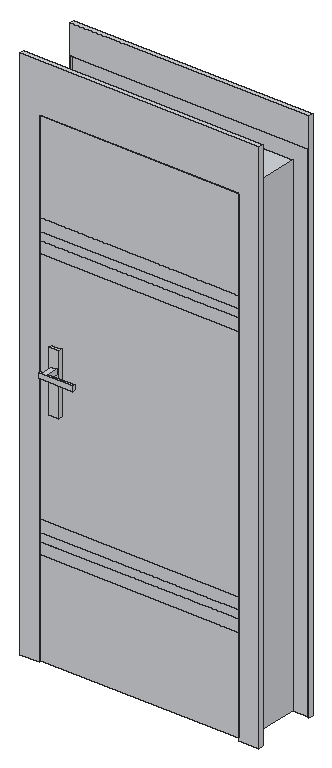
Revit family
Parameters (values of type "PN 80")
  Rough Height = 2055 mm
  URL = "www.porta.com.pl"
  Rough Width = 880 mm
  Ss = 818 mm
  Manufacturer = "PORTA KMI POLAND"
  Keynote = ""
  Description = "Biblioteki CAD produktów firmy PORTA KMI POLAND S.A. wraz z ich wizualizacjami są chronione prawami własności przemysłowej i intelektualnej. Można je wykorzystywać do handlowych celów osobistych poprzez zastosowanie w projektach, jednak nie wolno ich powielać, modyfikować, licencjonować ani publikować, w całości ani w części, chyba że celem przeglądania, bez uprzedniej pisemnej zgody PORTA KMI Poland sp.z.o.o. www.porta.com.pl "
  Height = 2016 mm
  Wall Closure = (empty or 0)
  Width = 802 mm
  Model = "Porta LEVEL"
  Materiał_skrzydło_2 = none
  Materiał_skrzydło_1 [instance] = none
  Materiał_ościeżnica [instance] = none
  Materiał_klamka [instance] = none
  Informacja = ""
  Hs = 2017 mm
  Function = (empty or 0)
Reference planes
  plane 1: y = 0
  plane 2 "Środek (Lewa/Prawa)": x = 0
  plane 3 "Lewy": x = -440
  plane 4 "Prawy": x = 440
  plane 5: z = 2055
  plane 6 "Zewnętrzna": y = 120
  plane 7 "Wewnętrzna": y = -120
  plane 8: x = -401
  plane 9: y = -138.9
  plane 10: x = -494.4
  plane 11: x = 494.4
Forms (mm)
  Sweep 1, solid, material <- "Materiał_ościeżnica"
    path in 3D
      loop
        line (-440, -120, 0) -> (-440, -120, 2055) -> (440, -120, 2055) -> (440, -120, 0)
    profile origin (-440, -120, 1027.5) x (0, -1, 0) y (1, 0, 0)
      loop
        line (-240, -54.4) -> (-240, -49.7) -> (-243.2, -49.7) -> (-243.2, 16.3) -> (3.2, 16.3) -> (3.2, -49.7) -> (0, -49.7) -> (0, -54.4) -> (18.9, -54.4) -> (18.9, 27) -> (-26.7, 27) -> (-26.7, 39) -> (-243.2, 39) -> (-243.2, 27) -> (-258.9, 27) -> (-258.9, -54.4) -> (-240, -54.4)
  Extrusion 2, solid, material <- "Materiał_ościeżnica"
    sketch origin (-359, -94.5, 2024.974) x (0, 0, -1) y (0, -1, 0)
      loop
        line (-203.026, -233.4) -> (-84.426, -233.4) -> (-84.426, -214.5) -> (-203.026, -214.5) -> (-203.026, -233.4)
    from -853.4 to 135.4
  Extrusion 3, solid, material <- "Materiał_ościeżnica"
    sketch origin (-359, -94.5, 2024.974) x (0, 0, -1) y (0, -1, 0)
      loop
        line (-203.026, 44.4) -> (-203.026, 25.5) -> (-84.426, 25.5) -> (-84.426, 44.4) -> (-203.026, 44.4)
    from -853.4 to 135.4
Cuts and joins
  joined: Sweep 1, Extrusion 2, Extrusion 3
Lines and regions (mm)
  Opening 1
    outline origin (-3050, -120, 0) x (1, 0, 0) y (0, 0, 1)
      loop
        line (2610, 0) -> (3490, 0) -> (3490, 2055) -> (2610, 2055) -> (2610, 0)
  sketch lines
    curve 1: line (-440, -120, 0) -> (-440, -120, 2055)
    curve 2: line (-440, -120, 2055) -> (440, -120, 2055)
    curve 3: line (440, -120, 2055) -> (440, -120, 0)
  symbolic lines, style "DoorsPanelProjection"
    curve 4: line (409, -120, 0) -> (409, -938, 0)
    curve 5: line (409, -938, 0) -> (369, -938, 0)
    curve 6: line (369, -938, 0) -> (369, -120, 0)
    curve 7: line (369, -120, 0) -> (409, -120, 0)
  symbolic lines, style "Ugięcie rzutu"
    curve 8: arc (-409, -120, 0) -> (-169.413, -698.413, 0) -> (409, -938, 0) r 818
Text (mm)
  text "Zewnętrzna" at (-2295.016, 1099.543, 0), in view "Poziom odniesienia"
  text "Zewnętrzna" at (0, 1615.38, 3698.081), in view "Lewy"
  text "Zewnętrzna" at (0, 1036.032, 3874.932), in view "Prawy"
Dimensions and locks
  equal spacing: plane 3 "Lewy", plane 2 "Środek (Lewa/Prawa)", plane 4 "Prawy"
  "Rough Width": plane 3 "Lewy" to plane 4 "Prawy"
  "Rough Height": plane 5 to host wall
  host wall to plane 5 = 2055 mm  (x2)
  locked: plane 6 "Zewnętrzna" to host wall at 0
  locked: plane 7 "Wewnętrzna" to host wall
  locked: curve 6 to curve 4 at 40
  "Ss": curve 5 to curve 7
  equal spacing: curve 8, plane 2 "Środek (Lewa/Prawa)", curve 4
  equal spacing: nested 1, plane 2 "Środek (Lewa/Prawa)", nested 1
  locked: nested 1 to level at 8
  locked: plane 3 "Lewy" to plane 8 at 39
  locked: plane 6 "Zewnętrzna" to Sweep 1 sketch curve at 18.9
  locked: profile plane to Sweep 1 sketch curve at 27
  locked: Sweep 1 sketch curve to plane 8 at 22.7
  locked: Sweep 1 sketch curve to profile plane at 26.7
  locked: profile plane to Sweep 1 sketch curve at 18.9
  locked: Sweep 1 sketch curve to profile plane at 54.4  (x2)
  locked: plane 9 to host wall at 18.9
  locked: plane 10 to plane 3 "Lewy" at 54.4
  locked: plane 4 "Prawy" to plane 11 at 54.4
  aligned and locked: plane 3 "Lewy" to Opening 1 sketch curve
  aligned and locked: plane 5 to Opening 1 sketch curve  (x2)
  aligned and locked: Opening 1 sketch curve to plane 4 "Prawy"
  aligned and locked: Opening 1 sketch curve to level
  aligned and locked: plane 1 to host wall
  aligned and locked: plane 7 "Wewnętrzna" to curve 7
  aligned and locked: Sweep 1 sketch curve to plane 6 "Zewnętrzna"
  aligned and locked: Sweep 1 sketch curve to profile plane
  aligned and locked: Sweep 1 sketch curve to plane 8
  aligned and locked: nested 1 to plane 9
  aligned and locked: Extrusion 2 sketch curve to Sweep 1  (x2)
  aligned and locked: host wall to Extrusion 2 sketch curve
  aligned and locked: Extrusion 3 sketch curve to plane 9
  aligned and locked: host wall to Extrusion 3 sketch curve
  aligned and locked: Extrusion 3 sketch curve to Sweep 1
  aligned and locked: Extrusion 3 sketch curve to Extrusion 2
  aligned and locked: plane 11 to Extrusion 3
  aligned and locked: plane 10 to Extrusion 3
  aligned and locked: plane 11 to Extrusion 2
  aligned and locked: plane 10 to Extrusion 2
Automatic sketch dimensions
  curve 8 to host wall = 0 mm
  Sweep 1 sketch curve to Sweep 1 sketch curve = 0 mm
  Sweep 1 sketch curve to Sweep 1 sketch curve = 3.2 mm
  Sweep 1 sketch curve to Sweep 1 sketch curve = 15.7 mm
  Sweep 1 sketch curve to Sweep 1 sketch curve = 4.7 mm  (x2)
  Sweep 1 sketch curve to Sweep 1 sketch curve = 10.7 mm
  Extrusion 2 sketch curve to plane 5 = 173 mm
Nested families
  nested 1: "skrzydło" at (0, -105.4, 0), type "skrzydło"
Definition of nested family "skrzydło"
  Parameters (values of type "skrzydło")
    Ss = 818 mm
    Materiał_skrzydło_2 = none
    Materiał_skrzydło_1 = none
    Materiał_klamka = none
    Assembly Code = ""
    Hs = 2017 mm
  Reference planes
    plane 1 "Tył": y = 6.5
    plane 2: z = 0
    plane 3 "Środek (Lewa/Prawa)": x = 0
    plane 4 "Lewa": x = -409
    plane 5 "Prawa": x = 409
    plane 6 "Przód": y = -33.5
    plane 7: z = 2025
    plane 8 "Centrum": y = -13.5
    plane 9: z = 8
  Forms (mm)
    Extrusion 1, solid, material <- "Materiał_skrzydło_1"
      sketch origin (0, -33.5, 0) x (-1, 0, 0) y (0, 0, 1)
        loop
          line (409, 399) -> (-409, 399) -> (-409, 8) -> (409, 8) -> (409, 399)
      from 0 to 40
    Extrusion 2, solid, material <- "Materiał_skrzydło_2"
      sketch origin (-2140.117, -33.5, 1200) x (-1, 0, 0) y (0, 0, 1)
        loop
          line (-1731.117, -751) -> (-2549.117, -751) -> (-2549.117, -801) -> (-1731.117, -801) -> (-1731.117, -751)
      from 0 to 40
    Extrusion 3, solid, material <- "Materiał_skrzydło_1"
      sketch origin (-2140.117, -33.5, 1200) x (-1, 0, 0) y (0, 0, 1)
        loop
          line (-1731.117, -718) -> (-2549.117, -718) -> (-2549.117, -751) -> (-1731.117, -751) -> (-1731.117, -718)
      from 0 to 40
    Extrusion 4, solid, material <- "Materiał_skrzydło_2"
      sketch origin (-2140.117, -33.5, 1200) x (-1, 0, 0) y (0, 0, 1)
        loop
          line (-1731.117, -668) -> (-2549.117, -668) -> (-2549.117, -718) -> (-1731.117, -718) -> (-1731.117, -668)
      from 0 to 40
    Extrusion 5, solid, material <- "Materiał_skrzydło_1"
      sketch origin (-2140.117, -33.5, 1200) x (-1, 0, 0) y (0, 0, 1)
        loop
          line (-1731.117, 825) -> (-2549.117, 825) -> (-2549.117, 447) -> (-1731.117, 447) -> (-1731.117, 825)
      from 0 to 40
    Extrusion 6, solid, material <- "Materiał_skrzydło_2"
      sketch origin (-2140.117, -33.5, 1200) x (-1, 0, 0) y (0, 0, 1)
        loop
          line (-1731.117, 447) -> (-2549.117, 447) -> (-2549.117, 397) -> (-1731.117, 397) -> (-1731.117, 447)
      from 0 to 40
    Extrusion 7, solid, material <- "Materiał_skrzydło_1"
      sketch origin (-2140.117, -33.5, 1200) x (-1, 0, 0) y (0, 0, 1)
        loop
          line (-1731.117, 397) -> (-2549.117, 397) -> (-2549.117, 364) -> (-1731.117, 364) -> (-1731.117, 397)
      from 0 to 40
    Extrusion 8, solid, material <- "Materiał_skrzydło_2"
      sketch origin (-2140.117, -33.5, 1200) x (-1, 0, 0) y (0, 0, 1)
        loop
          line (-1731.117, 364) -> (-2549.117, 364) -> (-2549.117, 314) -> (-1731.117, 314) -> (-1731.117, 364)
      from 0 to 40
    Extrusion 9, solid, material <- "Materiał_skrzydło_1"
      sketch origin (-2140.117, -33.5, 1200) x (-1, 0, 0) y (0, 0, 1)
        loop
          line (-1731.117, 314) -> (-2549.117, 314) -> (-2549.117, -668) -> (-1731.117, -668) -> (-1731.117, 314)
      from 0 to 40
  Dimensions and locks
    equal spacing: plane 4 "Lewa", plane 3 "Środek (Lewa/Prawa)", plane 5 "Prawa"
    "Ss": plane 4 "Lewa" to plane 5 "Prawa"
    locked: plane 9 to level at 8
    "Hs": plane 7 to plane 9
    locked: nested 1 to plane 9 at 934
    locked: plane 9 to nested 3 at 934
    equal spacing: plane 6 "Przód", plane 8 "Centrum", plane 1 "Tył"
    aligned and locked: Extrusion 1 sketch curve to plane 9
    aligned and locked: nested 1 to plane 6 "Przód"
    aligned and locked: Extrusion 1 sketch curve to plane 5 "Prawa"
    aligned and locked: Extrusion 1 sketch curve to plane 4 "Lewa"
    aligned and locked: plane 3 "Środek (Lewa/Prawa)" to nested 2
    aligned and locked: plane 4 "Lewa" to Extrusion 2 sketch curve
    aligned and locked: plane 5 "Prawa" to Extrusion 2 sketch curve
    aligned and locked: plane 4 "Lewa" to Extrusion 3 sketch curve
    aligned: Extrusion 3 sketch curve to Extrusion 2
    aligned and locked: plane 5 "Prawa" to Extrusion 3 sketch curve
    aligned and locked: plane 4 "Lewa" to Extrusion 4 sketch curve
    aligned and locked: plane 5 "Prawa" to Extrusion 4 sketch curve
    aligned and locked: plane 4 "Lewa" to Extrusion 5 sketch curve
    aligned and locked: plane 7 to Extrusion 5 sketch curve
    aligned and locked: plane 5 "Prawa" to Extrusion 5 sketch curve
    aligned and locked: plane 4 "Lewa" to Extrusion 6 sketch curve
    aligned and locked: plane 5 "Prawa" to Extrusion 6 sketch curve
    aligned and locked: Extrusion 6 sketch curve to Extrusion 5
    aligned and locked: plane 4 "Lewa" to Extrusion 7 sketch curve
    aligned and locked: plane 5 "Prawa" to Extrusion 7 sketch curve
    aligned and locked: Extrusion 7 sketch curve to Extrusion 6
    aligned and locked: plane 4 "Lewa" to Extrusion 8 sketch curve
    aligned and locked: plane 5 "Prawa" to Extrusion 8 sketch curve
    aligned and locked: Extrusion 8 sketch curve to Extrusion 7
    aligned and locked: plane 4 "Lewa" to Extrusion 9 sketch curve
    aligned and locked: plane 5 "Prawa" to Extrusion 9 sketch curve
    aligned and locked: Extrusion 9 sketch curve to Extrusion 8
    aligned and locked: Extrusion 9 sketch curve to Extrusion 4
  Automatic sketch dimensions
    Extrusion 2 sketch curve to Extrusion 2 sketch curve = 50 mm
    Extrusion 4 sketch curve to Extrusion 4 sketch curve = 50 mm
    Extrusion 1 sketch curve to Extrusion 1 sketch curve = 391 mm
    plane 9 to Extrusion 2 sketch curve = 391 mm
    plane 9 to Extrusion 3 sketch curve = 441 mm
    Extrusion 3 sketch curve to Extrusion 3 sketch curve = 33 mm
    Extrusion 4 sketch curve to plane 7 = 1543 mm
    Extrusion 5 sketch curve to plane 7 = 378 mm
    Extrusion 6 sketch curve to Extrusion 6 sketch curve = 50 mm
    Extrusion 7 sketch curve to Extrusion 7 sketch curve = 33 mm
    Extrusion 8 sketch curve to Extrusion 8 sketch curve = 50 mm
  Nested families
    nested 1: "KLAMKA" at (-341, -33.5, 1067), Materiał klamki <- "Materiał_klamka", type "KLAMKA"
      with Materiał klamki none
    nested 2: "logo_porta" at (0, 6.5, 110) x (1, 0, 0) z (0, -1, 0), type "logo_porta"
    nested 3: "KLAMKA" at (-341, 6.5, 1067), Materiał klamki <- "Materiał_klamka", type "KLAMKA"
      with Materiał klamki none
  Definition of nested family "KLAMKA"
    Parameters (values of type "KLAMKA")
      Materiał klamki [instance] = none
      Assembly Code = ""
      Default Elevation = 1219.2 mm
    Reference planes
      plane 1 "Center (Front/Back)": y = 0
      plane 2: z = 0
      plane 3 "Center (Left/Right)": x = 0
      plane 4: z = 125
      plane 5: z = -125
      plane 6: x = 20
      plane 7: x = -20
      plane 8: y = -70
      plane 9: y = -60
      plane 10: x = 10
      plane 11: x = -10
      plane 12: x = 120
      plane 13: z = 35
      plane 14: z = 55
      plane 15: y = -15
    Forms (mm)
      Extrusion 1, solid, material <- "Materiał klamki"
        sketch origin (0, 0, 0) x (1, 0, 0) y (0, 0, 1)
          loop
            line (-20, 125) -> (-20, -125) -> (20, -125) -> (20, 125) -> (-20, 125)
        from 0 to 15
      Extrusion 2, solid, material <- "Materiał klamki"
        sketch origin (0, 0, 0) x (1, 0, 0) y (0, 1, 0)
          loop
            line (-10, -15) -> (-10, -60) -> (-20, -60) -> (-20, -70) -> (120, -70) -> (120, -60) -> (10, -60) -> (10, -15) -> (-10, -15)
        from 35 to 55
    Dimensions and locks
      equal spacing: plane 4, plane 2, plane 5
      plane 4 to plane 5 = 250 mm
      equal spacing: plane 7, plane 3 "Center (Left/Right)", plane 6
      plane 7 to plane 6 = 40 mm
      plane 8 to plane 1 "Center (Front/Back)" = 70 mm
      plane 11 to plane 3 "Center (Left/Right)" to plane 10 = 10 mm locked, 10 mm locked
      plane 7 to plane 12 = 140 mm
      plane 15 to plane 1 "Center (Front/Back)" = 15 mm
      aligned and locked: plane 7 to Extrusion 1 sketch curve
      aligned and locked: Extrusion 1 sketch curve to plane 4
      aligned and locked: plane 5 to Extrusion 1 sketch curve
      aligned and locked: Extrusion 1 sketch curve to plane 6
      aligned and locked: plane 15 to Extrusion 1
      aligned and locked: Extrusion 1 to plane 1 "Center (Front/Back)"
      aligned and locked: plane 14 to Extrusion 2
      aligned and locked: Extrusion 2 to plane 13
    Automatic sketch dimensions
      Extrusion 2 sketch curve to plane 7 = 0 mm
      Extrusion 2 sketch curve to plane 9 = 0 mm  (x2)
      Extrusion 2 sketch curve to plane 11 = 0 mm
      Extrusion 2 sketch curve to plane 10 = 0 mm
      Extrusion 2 sketch curve to plane 12 = 0 mm
      Extrusion 2 sketch curve to plane 8 = 0 mm
      Extrusion 2 sketch curve to plane 15 = 0 mm
  Definition of nested family "logo_porta"
    Reference planes
      plane 1 "Środek (Przód/Tył)": y = 0
      plane 2: z = 0
      plane 3 "Środek (Lewa/Prawa)": x = 0
